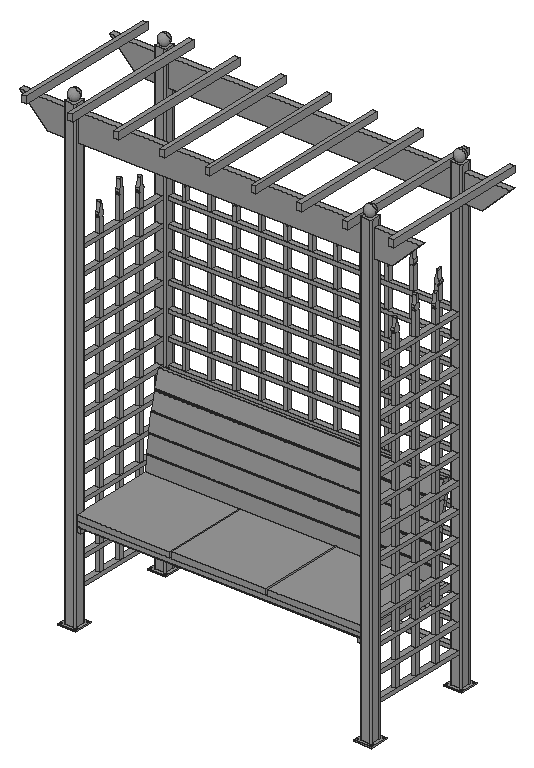
Revit family "Пергола со скамейкой «Зимний сад»", category Мебель, Revit 2017
Family settings
  Номер OmniClass = 23.40.20.00
  Заголовок OmniClass = General Furniture and Specialties
  На основе рабочей плоскости = Нет
  Всегда вертикально = Да
  При загрузке вырезать с полостями = Нет
  Общий = Нет
  Точка расчета площади = Нет
Parameters (values of type "Пергола со скамейкой «Зимний сад»")
  Стоимость = 43200
  Изготовитель = "ООО \"Хоббика\""
  URL = "https://hobbyka.ru/product/pergola_so_skameykoy_zimniy_sad/?sphrase_id=64378"
  ADSK_Размер_Ширина = 808 mm
  ADSK_Размер_Длина = 2138 mm
  ADSK_Размер_Высота = 2569 mm
  ADSK_Наименование = "Пергола со скамейкой «Зимний сад»"
  ADSK_Материал скамейки = Лиственница
  ADSK_Материал перголы = Древесина крашеная
  ADSK_Материал матраца = Полотно, зеленое
  ADSK_Код изделия = "10034"
Reference planes
  plane 1 "По центру (Вперед/Назад)": y = 0
  plane 2: z = 0
  plane 3 "По центру (Влево/Вправо)": x = 0
  plane 4 "1": z = 2506.75
  plane 5: y = 300
  plane 6: y = -300
  plane 7: x = -790.004
  plane 8: x = 789.996
  plane 9: z = 5
Forms (mm)
  Extrusion 1, solid, material "Древесина крашеная" <- "ADSK_Материал перголы"
    sketch origin (0, 0, 0) x (1, 0, 0) y (0, 1, 0)
      loop
        line (-768.004, 330) -> (-812.004, 330)
        arc (-812.004, 330) -> (-817.661, 327.657) -> (-820.004, 322) r 8
        line (-820.004, 322) -> (-820.004, 278)
        arc (-820.004, 278) -> (-817.66, 272.342) -> (-812.001, 270) r 8
        line (-812.001, 270) -> (-768.001, 270)
        arc (-768.001, 270) -> (-762.346, 272.344) -> (-760.004, 278) r 8
        line (-760.004, 278) -> (-760.004, 322)
        arc (-760.004, 322) -> (-762.347, 327.657) -> (-768.004, 330) r 8
      loop
        arc (-768.004, -330) -> (-762.347, -327.657) -> (-760.004, -322) r 8
        line (-760.004, -322) -> (-760.004, -278)
        arc (-760.004, -278) -> (-762.346, -272.344) -> (-768.001, -270) r 8
        line (-768.001, -270) -> (-812.001, -270)
        arc (-812.001, -270) -> (-817.66, -272.342) -> (-820.004, -278) r 8
        line (-820.004, -278) -> (-820.004, -322)
        arc (-820.004, -322) -> (-817.661, -327.657) -> (-812.004, -330) r 8
        line (-812.004, -330) -> (-768.004, -330)
      loop
        arc (768.004, 330) -> (762.347, 327.657) -> (760.004, 322) r 8
        line (760.004, 322) -> (760.004, 278)
        arc (760.004, 278) -> (762.346, 272.344) -> (768.001, 270) r 8
        line (768.001, 270) -> (812.001, 270)
        arc (812.001, 270) -> (817.66, 272.342) -> (820.004, 278) r 8
        line (820.004, 278) -> (820.004, 322)
        arc (820.004, 322) -> (817.661, 327.657) -> (812.004, 330) r 8
        line (812.004, 330) -> (768.004, 330)
      loop
        line (768.004, -330) -> (812.004, -330)
        arc (812.004, -330) -> (817.661, -327.657) -> (820.004, -322) r 8
        line (820.004, -322) -> (820.004, -278)
        arc (820.004, -278) -> (817.66, -272.342) -> (812.001, -270) r 8
        line (812.001, -270) -> (768.001, -270)
        arc (768.001, -270) -> (762.346, -272.344) -> (760.004, -278) r 8
        line (760.004, -278) -> (760.004, -322)
        arc (760.004, -322) -> (762.347, -327.657) -> (768.004, -330) r 8
    from 5 to 2506.75
  Revolve 2, solid, material "Древесина крашеная" <- "ADSK_Материал перголы"
    sketch origin (0, -300, 0) x (1, 0, 0) y (0, 0, 1)
      loop
        arc (-790.004, 2506.75) -> (-761.417, 2535.337) -> (-790.004, 2563.924) r 28.587
        line (-790.004, 2563.924) -> (-790.004, 2506.75)
      axis (-790.004, 2563.924) -> (-790.004, 2506.75)
    angle from 0 to 360
  Revolve 3, solid, material "Древесина крашеная" <- "ADSK_Материал перголы"
    sketch origin (0, 300, 0) x (1, 0, 0) y (0, 0, 1)
      loop
        arc (-790.004, 2506.75) -> (-761.417, 2535.337) -> (-790.004, 2563.924) r 28.587
        line (-790.004, 2563.924) -> (-790.004, 2506.75)
      axis (-790.004, 2563.924) -> (-790.004, 2506.75)
    angle from 0 to 360
  Extrusion 4, solid, material "Древесина крашеная" <- "ADSK_Материал перголы"
    sketch origin (0, 0, 2506.75) x (-1, 0, 0) y (0, -1, 0)
      loop
        line (840.004, -350) -> (840.004, -250) -> (740.004, -250) -> (740.004, -350) -> (840.004, -350)
      loop
        circle (750.004, -340) r 5.5
      loop
        circle (830.004, -340) r 5.5
      loop
        circle (830.004, -260) r 5.5
      loop
        circle (750.004, -260) r 5.5
    from -2506.75 to -2501.75
  Extrusion 5, solid, material "Древесина крашеная" <- "ADSK_Материал перголы"
    sketch origin (0, -600, 2506.75) x (-1, 0, 0) y (0, -1, 0)
      loop
        line (840.004, -350) -> (840.004, -250) -> (740.004, -250) -> (740.004, -350) -> (840.004, -350)
      loop
        circle (750.004, -340) r 5.5
      loop
        circle (830.004, -340) r 5.5
      loop
        circle (830.004, -260) r 5.5
      loop
        circle (750.004, -260) r 5.5
    from -2506.75 to -2501.75
  Extrusion 6, solid, material "Древесина крашеная" <- "ADSK_Материал перголы"
    sketch origin (0, 0, 2506.75) x (1, 0, 0) y (0, 1, 0)
      loop
        line (840.004, 350) -> (740.004, 350) -> (740.004, 250) -> (840.004, 250) -> (840.004, 350)
      loop
        circle (750.004, 340) r 5.5
      loop
        circle (830.004, 340) r 5.5
      loop
        circle (830.004, 260) r 5.5
      loop
        circle (750.004, 260) r 5.5
    from -2506.75 to -2501.75
  Extrusion 7, solid, material "Древесина крашеная" <- "ADSK_Материал перголы"
    sketch origin (0, -600, 2506.75) x (1, 0, 0) y (0, 1, 0)
      loop
        line (840.004, 350) -> (740.004, 350) -> (740.004, 250) -> (840.004, 250) -> (840.004, 350)
      loop
        circle (750.004, 340) r 5.5
      loop
        circle (830.004, 340) r 5.5
      loop
        circle (830.004, 260) r 5.5
      loop
        circle (750.004, 260) r 5.5
    from -2506.75 to -2501.75
  Revolve 8, solid, material "Древесина крашеная" <- "ADSK_Материал перголы"
    sketch origin (0, -300, 0) x (-1, 0, 0) y (0, 0, -1)
      loop
        line (-790.004, -2506.75) -> (-790.004, -2563.924)
        arc (-790.004, -2563.924) -> (-761.417, -2535.337) -> (-790.004, -2506.75) r 28.587
      axis (-790.004, -2563.924) -> (-790.004, -2506.75)
    angle from 0 to 360
  Revolve 9, solid, material "Древесина крашеная" <- "ADSK_Материал перголы"
    sketch origin (0, 300, 0) x (-1, 0, 0) y (0, 0, -1)
      loop
        line (-790.004, -2506.75) -> (-790.004, -2563.924)
        arc (-790.004, -2563.924) -> (-761.417, -2535.337) -> (-790.004, -2506.75) r 28.587
      axis (-790.004, -2563.924) -> (-790.004, -2506.75)
    angle from 0 to 360
  Extrusion 10, solid, material "Древесина крашеная" <- "ADSK_Материал перголы"
    sketch origin (0, 0, 0) x (0, 1, 0) y (0, 0, 1)
      loop
        line (-270, 1803.447) -> (-270, 1783.447) -> (270, 1783.447) -> (270, 1803.447) -> (-270, 1803.447)
      loop
        line (-270, 1668.447) -> (-270, 1648.447) -> (270, 1648.447) -> (270, 1668.447) -> (-270, 1668.447)
      loop
        line (-270, 1533.447) -> (-270, 1513.447) -> (270, 1513.447) -> (270, 1533.447) -> (-270, 1533.447)
      loop
        line (-270, 1398.447) -> (-270, 1378.447) -> (270, 1378.447) -> (270, 1398.447) -> (-270, 1398.447)
      loop
        line (-270, 1263.447) -> (-270, 1243.447) -> (270, 1243.447) -> (270, 1263.447) -> (-270, 1263.447)
      loop
        line (-270, 1128.447) -> (-270, 1108.447) -> (270, 1108.447) -> (270, 1128.447) -> (-270, 1128.447)
      loop
        line (-270, 993.447) -> (-270, 973.447) -> (270, 973.447) -> (270, 993.447) -> (-270, 993.447)
      loop
        line (-270, 858.447) -> (-270, 838.447) -> (270, 838.447) -> (270, 858.447) -> (-270, 858.447)
      loop
        line (-270, 723.447) -> (-270, 703.447) -> (270, 703.447) -> (270, 723.447) -> (-270, 723.447)
      loop
        line (-270, 588.447) -> (-270, 568.447) -> (270, 568.447) -> (270, 588.447) -> (-270, 588.447)
      loop
        line (-270, 453.447) -> (-270, 433.447) -> (270, 433.447) -> (270, 453.447) -> (-270, 453.447)
      loop
        line (-270, 318.447) -> (-270, 298.447) -> (270, 298.447) -> (270, 318.447) -> (-270, 318.447)
      loop
        line (-270, 183.447) -> (-270, 163.447) -> (270, 163.447) -> (270, 183.447) -> (-270, 183.447)
    from -805.004 to -775.004
  Extrusion 11, solid, material "Древесина крашеная" <- "ADSK_Материал перголы"
    sketch origin (0, 0, 0) x (0, 1, 0) y (0, 0, 1)
      loop
        line (-145, 1853.447) -> (-145, 183.447) -> (-125, 183.447) -> (-125, 1853.447) -> (-145, 1853.447)
      loop
        line (-10, 183.447) -> (10, 183.447) -> (10, 1903.447) -> (-10, 1903.447) -> (-10, 183.447)
      loop
        line (125, 1853.447) -> (125, 183.447) -> (145, 183.447) -> (145, 1853.447) -> (125, 1853.447)
    from -800.004 to -780.004
  Extrusion 12, solid, material "Древесина крашеная" <- "ADSK_Материал перголы"
    sketch origin (0, 0, 0) x (0, 1, 0) y (0, 0, -1)
      loop
        line (-270, -1803.447) -> (270, -1803.447) -> (270, -1783.447) -> (-270, -1783.447) -> (-270, -1803.447)
      loop
        line (-270, -1668.447) -> (270, -1668.447) -> (270, -1648.447) -> (-270, -1648.447) -> (-270, -1668.447)
      loop
        line (-270, -1533.447) -> (270, -1533.447) -> (270, -1513.447) -> (-270, -1513.447) -> (-270, -1533.447)
      loop
        line (-270, -1398.447) -> (270, -1398.447) -> (270, -1378.447) -> (-270, -1378.447) -> (-270, -1398.447)
      loop
        line (-270, -1263.447) -> (270, -1263.447) -> (270, -1243.447) -> (-270, -1243.447) -> (-270, -1263.447)
      loop
        line (-270, -1128.447) -> (270, -1128.447) -> (270, -1108.447) -> (-270, -1108.447) -> (-270, -1128.447)
      loop
        line (-270, -993.447) -> (270, -993.447) -> (270, -973.447) -> (-270, -973.447) -> (-270, -993.447)
      loop
        line (-270, -858.447) -> (270, -858.447) -> (270, -838.447) -> (-270, -838.447) -> (-270, -858.447)
      loop
        line (-270, -723.447) -> (270, -723.447) -> (270, -703.447) -> (-270, -703.447) -> (-270, -723.447)
      loop
        line (-270, -588.447) -> (270, -588.447) -> (270, -568.447) -> (-270, -568.447) -> (-270, -588.447)
      loop
        line (-270, -453.447) -> (270, -453.447) -> (270, -433.447) -> (-270, -433.447) -> (-270, -453.447)
      loop
        line (-270, -318.447) -> (270, -318.447) -> (270, -298.447) -> (-270, -298.447) -> (-270, -318.447)
      loop
        line (-270, -183.447) -> (270, -183.447) -> (270, -163.447) -> (-270, -163.447) -> (-270, -183.447)
    from -805.004 to -775.004
  Extrusion 13, solid, material "Древесина крашеная" <- "ADSK_Материал перголы"
    sketch origin (0, 0, 0) x (0, 1, 0) y (0, 0, -1)
      loop
        line (-145, -1853.447) -> (-125, -1853.447) -> (-125, -183.447) -> (-145, -183.447) -> (-145, -1853.447)
      loop
        line (-10, -183.447) -> (-10, -1903.447) -> (10, -1903.447) -> (10, -183.447) -> (-10, -183.447)
      loop
        line (125, -1853.447) -> (145, -1853.447) -> (145, -183.447) -> (125, -183.447) -> (125, -1853.447)
    from -800.004 to -780.004
  Extrusion 14, solid, material "Древесина крашеная" <- "ADSK_Материал перголы"
    sketch origin (0, 0, 0) x (1, 0, 0) y (0, 0, 1)
      loop
        line (-760.004, 163.447) -> (759.996, 163.447) -> (759.996, 183.447) -> (-760.004, 183.447) -> (-760.004, 163.447)
      loop
        line (-760.004, 298.447) -> (759.996, 298.447) -> (759.996, 318.447) -> (-760.004, 318.447) -> (-760.004, 298.447)
      loop
        line (-760.004, 433.447) -> (759.996, 433.447) -> (759.996, 453.447) -> (-760.004, 453.447) -> (-760.004, 433.447)
      loop
        line (-760.004, 568.447) -> (759.996, 568.447) -> (759.996, 588.447) -> (-760.004, 588.447) -> (-760.004, 568.447)
      loop
        line (-760.004, 703.447) -> (759.996, 703.447) -> (759.996, 723.447) -> (-760.004, 723.447) -> (-760.004, 703.447)
      loop
        line (-760.004, 838.447) -> (759.996, 838.447) -> (759.996, 858.447) -> (-760.004, 858.447) -> (-760.004, 838.447)
      loop
        line (-760.004, 973.447) -> (759.996, 973.447) -> (759.996, 993.447) -> (-760.004, 993.447) -> (-760.004, 973.447)
      loop
        line (-760.004, 1108.447) -> (759.996, 1108.447) -> (759.996, 1128.447) -> (-760.004, 1128.447) -> (-760.004, 1108.447)
      loop
        line (-760.004, 1243.447) -> (759.996, 1243.447) -> (759.996, 1263.447) -> (-760.004, 1263.447) -> (-760.004, 1243.447)
      loop
        line (-760.004, 1378.447) -> (759.996, 1378.447) -> (759.996, 1398.447) -> (-760.004, 1398.447) -> (-760.004, 1378.447)
      loop
        line (-760.004, 1513.447) -> (759.996, 1513.447) -> (759.996, 1533.447) -> (-760.004, 1533.447) -> (-760.004, 1513.447)
      loop
        line (-760.004, 1648.447) -> (759.996, 1648.447) -> (759.996, 1668.447) -> (-760.004, 1668.447) -> (-760.004, 1648.447)
      loop
        line (-760.004, 1783.447) -> (759.996, 1783.447) -> (759.996, 1803.447) -> (-760.004, 1803.447) -> (-760.004, 1783.447)
    from -315 to -285
  Extrusion 15, solid, material "Древесина крашеная" <- "ADSK_Материал перголы"
    sketch origin (0, 0, 0) x (1, 0, 0) y (0, 0, 1)
      loop
        line (684.996, 1853.447) -> (664.996, 1853.447) -> (664.996, 183.447) -> (684.996, 183.447) -> (684.996, 1853.447)
      loop
        line (549.996, 183.447) -> (549.996, 1903.447) -> (529.996, 1903.447) -> (529.996, 183.447) -> (549.996, 183.447)
      loop
        line (414.996, 1853.447) -> (394.996, 1853.447) -> (394.996, 183.447) -> (414.996, 183.447) -> (414.996, 1853.447)
      loop
        line (279.996, 183.447) -> (279.996, 1903.447) -> (259.996, 1903.447) -> (259.996, 183.447) -> (279.996, 183.447)
      loop
        line (144.996, 1853.447) -> (124.996, 1853.447) -> (124.996, 183.447) -> (144.996, 183.447) -> (144.996, 1853.447)
      loop
        line (9.996, 183.447) -> (9.996, 1903.447) -> (-10.004, 1903.447) -> (-10.004, 183.447) -> (9.996, 183.447)
      loop
        line (-125.004, 1853.447) -> (-145.004, 1853.447) -> (-145.004, 183.447) -> (-125.004, 183.447) -> (-125.004, 1853.447)
      loop
        line (-260.004, 183.447) -> (-260.004, 1903.447) -> (-280.004, 1903.447) -> (-280.004, 183.447) -> (-260.004, 183.447)
      loop
        line (-395.004, 1853.447) -> (-415.004, 1853.447) -> (-415.004, 183.447) -> (-395.004, 183.447) -> (-395.004, 1853.447)
      loop
        line (-530.004, 183.447) -> (-530.004, 1903.447) -> (-550.004, 1903.447) -> (-550.004, 183.447) -> (-530.004, 183.447)
      loop
        line (-665.004, 1853.447) -> (-685.004, 1853.447) -> (-685.004, 183.447) -> (-665.004, 183.447) -> (-665.004, 1853.447)
    from -310 to -290
  Extrusion 16, solid, material "Древесина крашеная" <- "ADSK_Материал перголы"
    sketch origin (0, 0, 0) x (0, 1, 0) y (0, 0, 1)
      loop
        line (125, 1853.447) -> (145, 1853.447) -> (145, 1876.877) -> (139.755, 1876.877) -> (139.755, 1881.577)
        arc (139.755, 1881.577) -> (143.541, 1883.426) -> (146.096, 1886.776) r 9.149
        arc (146.096, 1886.776) -> (147.82, 1894.876) -> (146.096, 1902.976) r 19.896
        arc (146.096, 1902.976) -> (138.598, 1927.169) -> (137, 1952.447) r 106.92
        arc (137, 1952.447) -> (135, 1954.447) -> (133, 1952.447) r 2
        arc (133, 1952.447) -> (131.402, 1927.169) -> (123.904, 1902.976) r 106.92
        arc (123.904, 1902.976) -> (122.18, 1894.876) -> (123.904, 1886.776) r 19.896
        arc (123.904, 1886.776) -> (126.459, 1883.426) -> (130.245, 1881.577) r 9.149
        line (130.245, 1881.577) -> (130.245, 1876.877) -> (125, 1876.877) -> (125, 1853.447)
      loop
        line (-10, 1903.447) -> (10, 1903.447) -> (10, 1926.877) -> (4.755, 1926.877) -> (4.755, 1931.577)
        arc (4.755, 1931.577) -> (8.541, 1933.426) -> (11.096, 1936.776) r 9.149
        arc (11.096, 1936.776) -> (12.82, 1944.876) -> (11.096, 1952.976) r 19.896
        arc (11.096, 1952.976) -> (3.598, 1977.169) -> (2, 2002.447) r 106.92
        arc (2, 2002.447) -> (0, 2004.447) -> (-2, 2002.447) r 2
        arc (-2, 2002.447) -> (-3.598, 1977.169) -> (-11.096, 1952.976) r 106.92
        arc (-11.096, 1952.976) -> (-12.82, 1944.876) -> (-11.096, 1936.776) r 19.896
        arc (-11.096, 1936.776) -> (-8.541, 1933.426) -> (-4.755, 1931.577) r 9.149
        line (-4.755, 1931.577) -> (-4.755, 1926.877) -> (-10, 1926.877) -> (-10, 1903.447)
      loop
        line (-145, 1853.447) -> (-125, 1853.447) -> (-125, 1876.877) -> (-130.245, 1876.877) -> (-130.245, 1881.577)
        arc (-130.245, 1881.577) -> (-126.459, 1883.426) -> (-123.904, 1886.776) r 9.149
        arc (-123.904, 1886.776) -> (-122.18, 1894.876) -> (-123.904, 1902.976) r 19.896
        arc (-123.904, 1902.976) -> (-131.402, 1927.169) -> (-133, 1952.447) r 106.92
        arc (-133, 1952.447) -> (-135, 1954.447) -> (-137, 1952.447) r 2
        arc (-137, 1952.447) -> (-138.598, 1927.169) -> (-146.096, 1902.976) r 106.92
        arc (-146.096, 1902.976) -> (-147.82, 1894.876) -> (-146.096, 1886.776) r 19.896
        arc (-146.096, 1886.776) -> (-143.541, 1883.426) -> (-139.755, 1881.577) r 9.149
        line (-139.755, 1881.577) -> (-139.755, 1876.877) -> (-145, 1876.877) -> (-145, 1853.447)
    from -800.004 to -780.004
  Extrusion 17, solid, material "Древесина крашеная" <- "ADSK_Материал перголы"
    sketch origin (0, 0, 0) x (0, 1, 0) y (0, 0, -1)
      loop
        line (125, -1853.447) -> (125, -1876.877) -> (130.245, -1876.877) -> (130.245, -1881.577)
        arc (130.245, -1881.577) -> (126.459, -1883.426) -> (123.904, -1886.776) r 9.149
        arc (123.904, -1886.776) -> (122.18, -1894.876) -> (123.904, -1902.976) r 19.896
        arc (123.904, -1902.976) -> (131.402, -1927.169) -> (133, -1952.447) r 106.92
        arc (133, -1952.447) -> (135, -1954.447) -> (137, -1952.447) r 2
        arc (137, -1952.447) -> (138.598, -1927.169) -> (146.096, -1902.976) r 106.92
        arc (146.096, -1902.976) -> (147.82, -1894.876) -> (146.096, -1886.776) r 19.896
        arc (146.096, -1886.776) -> (143.541, -1883.426) -> (139.755, -1881.577) r 9.149
        line (139.755, -1881.577) -> (139.755, -1876.877) -> (145, -1876.877) -> (145, -1853.447) -> (125, -1853.447)
      loop
        line (-10, -1903.447) -> (-10, -1926.877) -> (-4.755, -1926.877) -> (-4.755, -1931.577)
        arc (-4.755, -1931.577) -> (-8.541, -1933.426) -> (-11.096, -1936.776) r 9.149
        arc (-11.096, -1936.776) -> (-12.82, -1944.876) -> (-11.096, -1952.976) r 19.896
        arc (-11.096, -1952.976) -> (-3.598, -1977.169) -> (-2, -2002.447) r 106.92
        arc (-2, -2002.447) -> (0, -2004.447) -> (2, -2002.447) r 2
        arc (2, -2002.447) -> (3.598, -1977.169) -> (11.096, -1952.976) r 106.92
        arc (11.096, -1952.976) -> (12.82, -1944.876) -> (11.096, -1936.776) r 19.896
        arc (11.096, -1936.776) -> (8.541, -1933.426) -> (4.755, -1931.577) r 9.149
        line (4.755, -1931.577) -> (4.755, -1926.877) -> (10, -1926.877) -> (10, -1903.447) -> (-10, -1903.447)
      loop
        line (-145, -1853.447) -> (-145, -1876.877) -> (-139.755, -1876.877) -> (-139.755, -1881.577)
        arc (-139.755, -1881.577) -> (-143.541, -1883.426) -> (-146.096, -1886.776) r 9.149
        arc (-146.096, -1886.776) -> (-147.82, -1894.876) -> (-146.096, -1902.976) r 19.896
        arc (-146.096, -1902.976) -> (-138.598, -1927.169) -> (-137, -1952.447) r 106.92
        arc (-137, -1952.447) -> (-135, -1954.447) -> (-133, -1952.447) r 2
        arc (-133, -1952.447) -> (-131.402, -1927.169) -> (-123.904, -1902.976) r 106.92
        arc (-123.904, -1902.976) -> (-122.18, -1894.876) -> (-123.904, -1886.776) r 19.896
        arc (-123.904, -1886.776) -> (-126.459, -1883.426) -> (-130.245, -1881.577) r 9.149
        line (-130.245, -1881.577) -> (-130.245, -1876.877) -> (-125, -1876.877) -> (-125, -1853.447) -> (-145, -1853.447)
    from -800.004 to -780.004
  Extrusion 18, solid, material "Древесина крашеная" <- "ADSK_Материал перголы"
    sketch origin (0, 0, 0) x (1, 0, 0) y (0, 0, 1)
      loop
        arc (676.996, 1952.447) -> (674.996, 1954.447) -> (672.996, 1952.447) r 2
        arc (672.996, 1952.447) -> (671.398, 1927.169) -> (663.9, 1902.976) r 106.92
        arc (663.9, 1902.976) -> (662.176, 1894.876) -> (663.9, 1886.776) r 19.896
        arc (663.9, 1886.776) -> (666.455, 1883.426) -> (670.241, 1881.577) r 9.149
        line (670.241, 1881.577) -> (670.241, 1876.877) -> (664.996, 1876.877) -> (664.996, 1853.447) -> (684.996, 1853.447) -> (684.996, 1876.877) -> (679.751, 1876.877) -> (679.751, 1881.577)
        arc (679.751, 1881.577) -> (683.537, 1883.426) -> (686.092, 1886.776) r 9.149
        arc (686.092, 1886.776) -> (687.815, 1894.876) -> (686.092, 1902.976) r 19.896
        arc (686.092, 1902.976) -> (678.593, 1927.169) -> (676.996, 1952.447) r 106.92
      loop
        arc (541.996, 2002.447) -> (539.996, 2004.447) -> (537.996, 2002.447) r 2
        arc (537.996, 2002.447) -> (536.398, 1977.169) -> (528.9, 1952.976) r 106.92
        arc (528.9, 1952.976) -> (527.176, 1944.876) -> (528.9, 1936.776) r 19.896
        arc (528.9, 1936.776) -> (531.455, 1933.426) -> (535.241, 1931.577) r 9.149
        line (535.241, 1931.577) -> (535.241, 1926.877) -> (529.996, 1926.877) -> (529.996, 1903.447) -> (549.996, 1903.447) -> (549.996, 1926.877) -> (544.751, 1926.877) -> (544.751, 1931.577)
        arc (544.751, 1931.577) -> (548.537, 1933.426) -> (551.092, 1936.776) r 9.149
        arc (551.092, 1936.776) -> (552.815, 1944.876) -> (551.092, 1952.976) r 19.896
        arc (551.092, 1952.976) -> (543.593, 1977.169) -> (541.996, 2002.447) r 106.92
      loop
        arc (406.996, 1952.447) -> (404.996, 1954.447) -> (402.996, 1952.447) r 2
        arc (402.996, 1952.447) -> (401.398, 1927.169) -> (393.9, 1902.976) r 106.92
        arc (393.9, 1902.976) -> (392.176, 1894.876) -> (393.9, 1886.776) r 19.896
        arc (393.9, 1886.776) -> (396.455, 1883.426) -> (400.241, 1881.577) r 9.149
        line (400.241, 1881.577) -> (400.241, 1876.877) -> (394.996, 1876.877) -> (394.996, 1853.447) -> (414.996, 1853.447) -> (414.996, 1876.877) -> (409.751, 1876.877) -> (409.751, 1881.577)
        arc (409.751, 1881.577) -> (413.537, 1883.426) -> (416.092, 1886.776) r 9.149
        arc (416.092, 1886.776) -> (417.815, 1894.876) -> (416.092, 1902.976) r 19.896
        arc (416.092, 1902.976) -> (408.593, 1927.169) -> (406.996, 1952.447) r 106.92
      loop
        arc (271.996, 2002.447) -> (269.996, 2004.447) -> (267.996, 2002.447) r 2
        arc (267.996, 2002.447) -> (266.398, 1977.169) -> (258.9, 1952.976) r 106.92
        arc (258.9, 1952.976) -> (257.176, 1944.876) -> (258.9, 1936.776) r 19.896
        arc (258.9, 1936.776) -> (261.455, 1933.426) -> (265.241, 1931.577) r 9.149
        line (265.241, 1931.577) -> (265.241, 1926.877) -> (259.996, 1926.877) -> (259.996, 1903.447) -> (279.996, 1903.447) -> (279.996, 1926.877) -> (274.751, 1926.877) -> (274.751, 1931.577)
        arc (274.751, 1931.577) -> (278.537, 1933.426) -> (281.092, 1936.776) r 9.149
        arc (281.092, 1936.776) -> (282.815, 1944.876) -> (281.092, 1952.976) r 19.896
        arc (281.092, 1952.976) -> (273.593, 1977.169) -> (271.996, 2002.447) r 106.92
      loop
        arc (136.996, 1952.447) -> (134.996, 1954.447) -> (132.996, 1952.447) r 2
        arc (132.996, 1952.447) -> (131.398, 1927.169) -> (123.9, 1902.976) r 106.92
        arc (123.9, 1902.976) -> (122.176, 1894.876) -> (123.9, 1886.776) r 19.896
        arc (123.9, 1886.776) -> (126.455, 1883.426) -> (130.241, 1881.577) r 9.149
        line (130.241, 1881.577) -> (130.241, 1876.877) -> (124.996, 1876.877) -> (124.996, 1853.447) -> (144.996, 1853.447) -> (144.996, 1876.877) -> (139.751, 1876.877) -> (139.751, 1881.577)
        arc (139.751, 1881.577) -> (143.537, 1883.426) -> (146.092, 1886.776) r 9.149
        arc (146.092, 1886.776) -> (147.815, 1894.876) -> (146.092, 1902.976) r 19.896
        arc (146.092, 1902.976) -> (138.593, 1927.169) -> (136.996, 1952.447) r 106.92
      loop
        arc (1.996, 2002.447) -> (-0.004, 2004.447) -> (-2.004, 2002.447) r 2
        arc (-2.004, 2002.447) -> (-3.602, 1977.169) -> (-11.1, 1952.976) r 106.92
        arc (-11.1, 1952.976) -> (-12.824, 1944.876) -> (-11.1, 1936.776) r 19.896
        arc (-11.1, 1936.776) -> (-8.545, 1933.426) -> (-4.759, 1931.577) r 9.149
        line (-4.759, 1931.577) -> (-4.759, 1926.877) -> (-10.004, 1926.877) -> (-10.004, 1903.447) -> (9.996, 1903.447) -> (9.996, 1926.877) -> (4.751, 1926.877) -> (4.751, 1931.577)
        arc (4.751, 1931.577) -> (8.537, 1933.426) -> (11.092, 1936.776) r 9.149
        arc (11.092, 1936.776) -> (12.815, 1944.876) -> (11.092, 1952.976) r 19.896
        arc (11.092, 1952.976) -> (3.593, 1977.169) -> (1.996, 2002.447) r 106.92
      loop
        arc (-133.004, 1952.447) -> (-135.004, 1954.447) -> (-137.004, 1952.447) r 2
        arc (-137.004, 1952.447) -> (-138.602, 1927.169) -> (-146.1, 1902.976) r 106.92
        arc (-146.1, 1902.976) -> (-147.824, 1894.876) -> (-146.1, 1886.776) r 19.896
        arc (-146.1, 1886.776) -> (-143.545, 1883.426) -> (-139.759, 1881.577) r 9.149
        line (-139.759, 1881.577) -> (-139.759, 1876.877) -> (-145.004, 1876.877) -> (-145.004, 1853.447) -> (-125.004, 1853.447) -> (-125.004, 1876.877) -> (-130.249, 1876.877) -> (-130.249, 1881.577)
        arc (-130.249, 1881.577) -> (-126.463, 1883.426) -> (-123.908, 1886.776) r 9.149
        arc (-123.908, 1886.776) -> (-122.185, 1894.876) -> (-123.908, 1902.976) r 19.896
        arc (-123.908, 1902.976) -> (-131.407, 1927.169) -> (-133.004, 1952.447) r 106.92
      loop
        arc (-268.004, 2002.447) -> (-270.004, 2004.447) -> (-272.004, 2002.447) r 2
        arc (-272.004, 2002.447) -> (-273.602, 1977.169) -> (-281.1, 1952.976) r 106.92
        arc (-281.1, 1952.976) -> (-282.824, 1944.876) -> (-281.1, 1936.776) r 19.896
        arc (-281.1, 1936.776) -> (-278.545, 1933.426) -> (-274.759, 1931.577) r 9.149
        line (-274.759, 1931.577) -> (-274.759, 1926.877) -> (-280.004, 1926.877) -> (-280.004, 1903.447) -> (-260.004, 1903.447) -> (-260.004, 1926.877) -> (-265.249, 1926.877) -> (-265.249, 1931.577)
        arc (-265.249, 1931.577) -> (-261.463, 1933.426) -> (-258.908, 1936.776) r 9.149
        arc (-258.908, 1936.776) -> (-257.185, 1944.876) -> (-258.908, 1952.976) r 19.896
        arc (-258.908, 1952.976) -> (-266.407, 1977.169) -> (-268.004, 2002.447) r 106.92
      loop
        arc (-403.004, 1952.447) -> (-405.004, 1954.447) -> (-407.004, 1952.447) r 2
        arc (-407.004, 1952.447) -> (-408.602, 1927.169) -> (-416.1, 1902.976) r 106.92
        arc (-416.1, 1902.976) -> (-417.824, 1894.876) -> (-416.1, 1886.776) r 19.896
        arc (-416.1, 1886.776) -> (-413.545, 1883.426) -> (-409.759, 1881.577) r 9.149
        line (-409.759, 1881.577) -> (-409.759, 1876.877) -> (-415.004, 1876.877) -> (-415.004, 1853.447) -> (-395.004, 1853.447) -> (-395.004, 1876.877) -> (-400.249, 1876.877) -> (-400.249, 1881.577)
        arc (-400.249, 1881.577) -> (-396.463, 1883.426) -> (-393.908, 1886.776) r 9.149
        arc (-393.908, 1886.776) -> (-392.185, 1894.876) -> (-393.908, 1902.976) r 19.896
        arc (-393.908, 1902.976) -> (-401.407, 1927.169) -> (-403.004, 1952.447) r 106.92
      loop
        arc (-538.004, 2002.447) -> (-540.004, 2004.447) -> (-542.004, 2002.447) r 2
        arc (-542.004, 2002.447) -> (-543.602, 1977.169) -> (-551.1, 1952.976) r 106.92
        arc (-551.1, 1952.976) -> (-552.824, 1944.876) -> (-551.1, 1936.776) r 19.896
        arc (-551.1, 1936.776) -> (-548.545, 1933.426) -> (-544.759, 1931.577) r 9.149
        line (-544.759, 1931.577) -> (-544.759, 1926.877) -> (-550.004, 1926.877) -> (-550.004, 1903.447) -> (-530.004, 1903.447) -> (-530.004, 1926.877) -> (-535.249, 1926.877) -> (-535.249, 1931.577)
        arc (-535.249, 1931.577) -> (-531.463, 1933.426) -> (-528.908, 1936.776) r 9.149
        arc (-528.908, 1936.776) -> (-527.185, 1944.876) -> (-528.908, 1952.976) r 19.896
        arc (-528.908, 1952.976) -> (-536.407, 1977.169) -> (-538.004, 2002.447) r 106.92
      loop
        arc (-673.004, 1952.447) -> (-675.004, 1954.447) -> (-677.004, 1952.447) r 2
        arc (-677.004, 1952.447) -> (-678.602, 1927.169) -> (-686.1, 1902.976) r 106.92
        arc (-686.1, 1902.976) -> (-687.824, 1894.876) -> (-686.1, 1886.776) r 19.896
        arc (-686.1, 1886.776) -> (-683.545, 1883.426) -> (-679.759, 1881.577) r 9.149
        line (-679.759, 1881.577) -> (-679.759, 1876.877) -> (-685.004, 1876.877) -> (-685.004, 1853.447) -> (-665.004, 1853.447) -> (-665.004, 1876.877) -> (-670.249, 1876.877) -> (-670.249, 1881.577)
        arc (-670.249, 1881.577) -> (-666.463, 1883.426) -> (-663.908, 1886.776) r 9.149
        arc (-663.908, 1886.776) -> (-662.185, 1894.876) -> (-663.908, 1902.976) r 19.896
        arc (-663.908, 1902.976) -> (-671.407, 1927.169) -> (-673.004, 1952.447) r 106.92
    from -310 to -290
  Extrusion 19, solid, material "Древесина крашеная" <- "ADSK_Материал перголы"
    sketch origin (0, 0, 0) x (1, 0, 0) y (0, 0, 1)
      loop
        line (1068.996, 2470.05) -> (-1069.004, 2470.05) -> (-920.004, 2321.05) -> (919.996, 2321.05) -> (1068.996, 2470.05)
    from 286 to 314
  Extrusion 20, solid, material "Древесина крашеная" <- "ADSK_Материал перголы"
    sketch origin (0, 600, 0) x (1, 0, 0) y (0, 0, 1)
      loop
        line (1068.996, 2470.05) -> (-1069.004, 2470.05) -> (-920.004, 2321.05) -> (919.996, 2321.05) -> (1068.996, 2470.05)
    from 286 to 314
  Extrusion 21, solid, material "Древесина крашеная" <- "ADSK_Материал перголы"
    sketch origin (0, 0, 0) x (1, 0, 0) y (0, 0, 1)
      loop
        line (-991.404, 2470.05) -> (-966.404, 2470.05) -> (-966.404, 2505.05) -> (-991.404, 2505.05) -> (-991.404, 2470.05)
      loop
        line (-746.678, 2470.05) -> (-721.678, 2470.05) -> (-721.678, 2505.05) -> (-746.678, 2505.05) -> (-746.678, 2470.05)
      loop
        line (-501.952, 2470.05) -> (-476.952, 2470.05) -> (-476.952, 2505.05) -> (-501.952, 2505.05) -> (-501.952, 2470.05)
      loop
        line (-257.226, 2470.05) -> (-232.226, 2470.05) -> (-232.226, 2505.05) -> (-257.226, 2505.05) -> (-257.226, 2470.05)
      loop
        line (-12.5, 2470.05) -> (12.5, 2470.05) -> (12.5, 2505.05) -> (-12.5, 2505.05) -> (-12.5, 2470.05)
      loop
        line (232.226, 2470.05) -> (257.226, 2470.05) -> (257.226, 2505.05) -> (232.226, 2505.05) -> (232.226, 2470.05)
      loop
        line (476.952, 2470.05) -> (501.952, 2470.05) -> (501.952, 2505.05) -> (476.952, 2505.05) -> (476.952, 2470.05)
      loop
        line (721.678, 2470.05) -> (746.678, 2470.05) -> (746.678, 2505.05) -> (721.678, 2505.05) -> (721.678, 2470.05)
      loop
        line (966.404, 2470.05) -> (991.404, 2470.05) -> (991.404, 2505.05) -> (966.404, 2505.05) -> (966.404, 2470.05)
    from -411 to 397
  Extrusion 22, solid, material "Алюминий"
    sketch origin (0, 0, 0) x (1, 0, 0) y (0, 0, 1)
      loop
        line (-740.004, 460) -> (-740.004, 485) -> (-760.004, 485) -> (-760.004, 460) -> (-740.004, 460)
      loop
        line (759.996, 460) -> (759.996, 485) -> (739.996, 485) -> (739.996, 460) -> (759.996, 460)
    from -270 to 320.6
  Extrusion 23, solid, material "Алюминий"
    sketch origin (0, 0, 0) x (0, 1, 0) y (0, 0, 1)
      loop
        line (270.287, 990.983) -> (255.888, 995.207)
        arc (255.888, 995.207) -> (194.231, 742.34) -> (169.989, 483.196) r 1785.643
        line (169.989, 483.196) -> (184.991, 483.141)
        arc (184.991, 483.141) -> (209.078, 740.179) -> (270.287, 990.983) r 1770.643
    from -758.004 to -740.004
  Extrusion 24, solid, material "Алюминий"
    sketch origin (0, 0, 0) x (0, 1, 0) y (0, 0, -1)
      loop
        arc (270.287, -990.983) -> (209.078, -740.179) -> (184.991, -483.141) r 1770.643
        line (184.991, -483.141) -> (169.989, -483.196)
        arc (169.989, -483.196) -> (194.231, -742.34) -> (255.888, -995.207) r 1785.643
        line (255.888, -995.207) -> (270.287, -990.983)
    from -758.004 to -740.004
  Extrusion 25, solid, material "Лиственница" <- "ADSK_Материал скамейки"
    sketch origin (0, 0, 0) x (0, 1, 0) y (0, 0, 1)
      loop
        line (-229.4, 515) -> (-320.6, 515) -> (-322.5, 513) -> (-322.5, 487) -> (-320.6, 485) -> (-229.4, 485) -> (-227.5, 487) -> (-227.5, 513) -> (-229.4, 515)
      loop
        line (-130.65, 515) -> (-221.85, 515) -> (-223.75, 513) -> (-223.75, 487) -> (-221.85, 485) -> (-130.65, 485) -> (-128.75, 487) -> (-128.75, 513) -> (-130.65, 515)
      loop
        line (-31.9, 515) -> (-123.1, 515) -> (-125, 513) -> (-125, 487) -> (-123.1, 485) -> (-31.9, 485) -> (-30, 487) -> (-30, 513) -> (-31.9, 515)
      loop
        line (66.85, 515) -> (-24.35, 515) -> (-26.25, 513) -> (-26.25, 487) -> (-24.35, 485) -> (66.85, 485) -> (68.75, 487) -> (68.75, 513) -> (66.85, 515)
      loop
        line (165.6, 515) -> (74.4, 515) -> (72.5, 513) -> (72.5, 487) -> (74.4, 485) -> (165.6, 485) -> (167.5, 487) -> (167.5, 513) -> (165.6, 515)
      loop
        line (147.684, 621.816) -> (142.232, 530.779) -> (144.115, 528.763) -> (170.068, 527.209) -> (172.178, 528.986) -> (177.63, 620.023) -> (175.748, 622.039) -> (149.794, 623.593) -> (147.684, 621.816)
      loop
        line (158.318, 719.593) -> (148.756, 628.896) -> (150.546, 626.796) -> (176.403, 624.071) -> (178.591, 625.75) -> (188.153, 716.448) -> (186.363, 718.547) -> (160.506, 721.273) -> (158.318, 719.593)
      loop
        line (174.88, 815.239) -> (160.879, 725.12) -> (162.563, 722.936) -> (188.255, 718.944) -> (190.523, 720.515) -> (204.524, 810.634) -> (202.839, 812.818) -> (177.148, 816.81) -> (174.88, 815.239)
      loop
        line (196.502, 910.326) -> (178.099, 821.002) -> (179.675, 818.738) -> (205.14, 813.491) -> (207.482, 814.948) -> (225.885, 904.272) -> (224.31, 906.537) -> (198.845, 911.783) -> (196.502, 910.326)
      loop
        line (226.228, 1004.464) -> (201.379, 916.714) -> (202.786, 914.341) -> (227.802, 907.257) -> (230.244, 908.54) -> (255.093, 996.29) -> (253.687, 998.663) -> (228.67, 1005.747) -> (226.228, 1004.464)
    from -760.004 to 759.996
  Extrusion 26, solid, material "Полотно, зеленое" <- "ADSK_Материал матраца"
    sketch origin (0, 0, 2506.75) x (-1, 0, 0) y (0, -1, 0)
      loop
        line (760.004, -142.232) -> (760.004, 322.5) -> (260.004, 322.5) -> (260.004, -142.232) -> (760.004, -142.232)
      loop
        line (250.004, -144.115) -> (250.004, 322.5) -> (-249.996, 322.5) -> (-249.996, -144.115) -> (250.004, -144.115)
      loop
        line (-259.996, -142.232) -> (-259.996, 322.5) -> (-759.996, 322.5) -> (-759.996, -142.232) -> (-259.996, -142.232)
    from -1993.75 to -1962.878
Cuts and joins
  joined: Extrusion 12, Extrusion 13, Extrusion 17
  joined: Extrusion 10, Extrusion 11, Extrusion 14, Extrusion 15, Extrusion 16, Extrusion 18
Dimensions and locks
  plane 4 "1" to level = 2506.75 mm
  Extrusion 25 to Extrusion 25 = 1520 mm
  aligned and locked: level to plane 2
  aligned and locked: plane 4 "1" to Extrusion 1
  aligned and locked: Extrusion 4 to level
  aligned and locked: plane 9 to Extrusion 4
  aligned and locked: Extrusion 1 to Extrusion 6
  aligned and locked: Extrusion 17 to cut or joined group of Extrusion 12, Extrusion 13, Extrusion 17  (x2)
  aligned and locked: Extrusion 18 to cut or joined group of Extrusion 10, Extrusion 11, Extrusion 14, Extrusion 15, Extrusion 16, Extrusion 18  (x2)
  aligned and locked: Extrusion 25 to Extrusion 22
